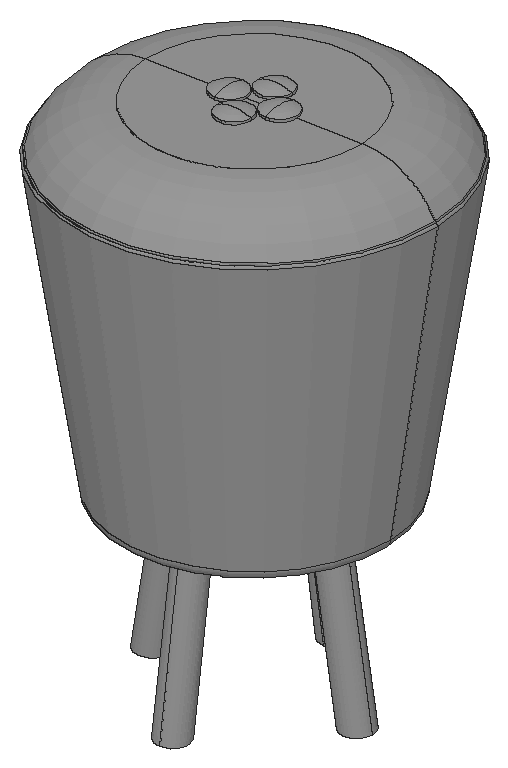
Revit family "Milly Family", category Furniture, Revit 2018
Family settings
  OmniClass Number = 23.40.20.00
  OmniClass Title = General Furniture and Specialties
  Work Plane-Based = No
  Always vertical = Yes
  Cut with Voids When Loaded = No
  Shared = No
  Room Calculation Point = No
Parameters (values of type "Stool (350X350X450X450)")
  Furniture Type = MillyRange : Stool
  Frame Material = Oak
  Fabric Top = Fabric (Signal Red)
  Fabric Bottom = Fabric (Signal Red)
Reference planes
  plane 1 "Center (Front/Back)": y = 0
  plane 2: z = 0
  plane 3 "Center (Left/Right)": x = 0
Dimensions and locks
  aligned and locked: level to plane 2
Nested families
  nested 1: "MillyRange" at (0, 0, 0), type <- "Furniture Type", FabricBottom <- "Fabric Bottom", FabricTop <- "Fabric Top", Frame Material <- "Frame Material", type "Stool"
    with Frame Material Oak, FabricTop Fabric (Signal Red), FabricBottom Fabric (Signal Red)
Definition of nested family "MillyRange"
  Parameters (values of type "Stool")
    Surface Material = none
    Stool = yes
    Frame Material [instance] = none
    FabricTop [instance] = none
    FabricBottom [instance] = none
  Reference planes
    plane 1 "Center (Front/Back)": y = 0
    plane 2: z = 0
    plane 3 "Center (Left/Right)": x = 0
  Forms (mm)
    Revolve 1, solid, material <- "FabricBottom", visible <- "Stool"
      sketch origin (0, 0, 0) x (1, 0, 0) y (0, 0, 1)
        loop
          arc (-153.406, 406.578) -> (-154.463, 405.627) -> (-154.995, 404.308) r 3.151
          line (-154.995, 404.308) -> (-115.486, 153.248)
          arc (-115.486, 153.248) -> (-113.143, 147.591) -> (-107.486, 145.248) r 8
          line (-107.486, 145.248) -> (0, 145.248) -> (0, 406.578) -> (-153.406, 406.578)
        axis (0, 406.578) -> (0, 145.248)
      angle from 0 to 360
    Revolve 2, solid, material <- "FabricTop", visible <- "Stool"
      sketch origin (0, -21.562, 0) x (1, 0, 0) y (0, 0, 1)
        loop
          arc (0, 450.111) -> (-7.51, 449.515) -> (-14.639, 447.079) r 30.202
          line (-14.639, 447.079) -> (-14.639, 445.164) -> (0, 445.164) -> (0, 450.111)
        axis (0, 450.111) -> (0, 445.164)
      angle from 0 to 360
    Revolve 3, solid, material <- "FabricTop", visible <- "Stool"
      sketch origin (0, 21.562, 0) x (1, 0, 0) y (0, 0, -1)
        loop
          line (0, -450.111) -> (0, -445.164) -> (-14.639, -445.164) -> (-14.639, -447.079)
          arc (-14.639, -447.079) -> (-7.51, -449.515) -> (0, -450.111) r 30.202
        axis (0, -450.111) -> (0, -445.164)
      angle from 0 to 360
    Revolve 4, solid, material <- "FabricTop", visible <- "Stool"
      sketch origin (-21.563, 0, 0) x (0, -1, 0) y (0, 0, 1)
        loop
          arc (0, 450.111) -> (-7.51, 449.515) -> (-14.639, 447.079) r 30.202
          line (-14.639, 447.079) -> (-14.639, 445.164) -> (0, 445.164) -> (0, 450.111)
        axis (0, 450.111) -> (0, 445.164)
      angle from 0 to 360
    Revolve 5, solid, material <- "FabricTop", visible <- "Stool"
      sketch origin (21.563, 0, 0) x (0, -1, 0) y (0, 0, -1)
        loop
          line (0, -450.111) -> (0, -445.164) -> (-14.639, -445.164) -> (-14.639, -447.079)
          arc (-14.639, -447.079) -> (-7.51, -449.515) -> (0, -450.111) r 30.202
        axis (0, -450.111) -> (0, -445.164)
      angle from 0 to 360
    Revolve 6, solid, material <- "FabricTop", visible <- "Stool"
      sketch origin (0, 0, 0) x (1, 0, 0) y (0, 0, 1)
        loop
          line (0, 445.161) -> (-91.535, 445.161)
          arc (-91.535, 445.161) -> (-127.351, 435.115) -> (-152.719, 407.908) r 68.869
          arc (-152.719, 407.908) -> (-153.415, 407.425) -> (-153.406, 406.578) r 0.904
          line (-153.406, 406.578) -> (0, 406.578) -> (0, 445.161)
        axis (0, 445.161) -> (0, 406.578)
      angle from 0 to 360
    Blend 7, solid, material <- "Frame Material", visible <- "Stool"
      base sketch origin (0, 0, 0) x (1, 0, 0) y (0, 1, 0)
        loop
          circle (-63.96, 0) r 13.5
      top sketch origin (0, 0, 0) x (1, 0, 0) y (0, 1, 0)
        loop
          circle (-86.936, 0) r 13.5
      from 145.161 to 0
    Blend 8, solid, material <- "Frame Material", visible <- "Stool"
      base sketch origin (0, 0, 0) x (-1, 0, 0) y (0, -1, 0)
        loop
          circle (-63.96, 0) r 13.5
      top sketch origin (0, 0, 0) x (-1, 0, 0) y (0, -1, 0)
        loop
          circle (-86.936, 0) r 13.5
      from 145.161 to 0
    Blend 9, solid, material <- "Frame Material", visible <- "Stool"
      base sketch origin (0, 0, 0) x (0, -1, 0) y (1, 0, 0)
        loop
          circle (-63.96, 0) r 13.5
      top sketch origin (0, 0, 0) x (0, -1, 0) y (1, 0, 0)
        loop
          circle (-86.936, 0) r 13.5
      from 145.161 to 0
    Blend 10, solid, material <- "Frame Material", visible <- "Stool"
      base sketch origin (0, 0, 0) x (0, 1, 0) y (-1, 0, 0)
        loop
          circle (-63.96, 0) r 13.5
      top sketch origin (0, 0, 0) x (0, 1, 0) y (-1, 0, 0)
        loop
          circle (-86.936, 0) r 13.5
      from 145.161 to 0
  Dimensions and locks
    aligned and locked: level to plane 2
